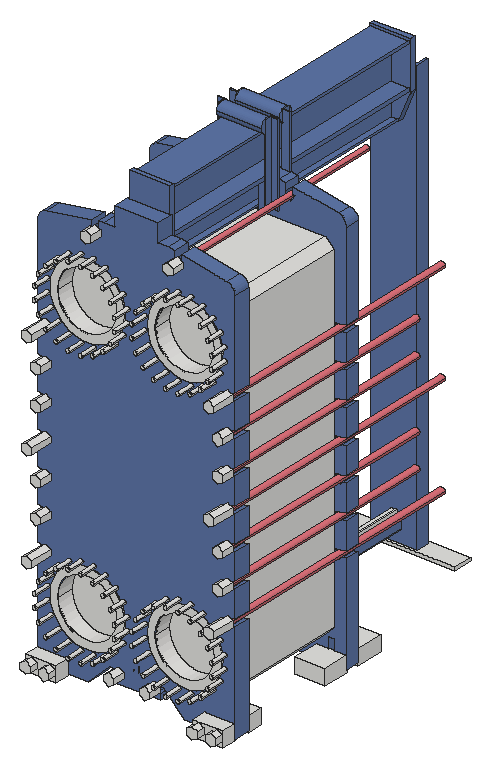
Revit family "HVAC_Heat-Exchanger_Alfa-Laval_TS50-FG_ASME___", category Specialty Equipment, Revit 2018
Family settings
  Round Connector Dimension = Use Diameter
  Part Type = Normal
  OmniClass Number = 23.27.23.13
  Work Plane-Based = Yes
  Always vertical = Yes
  Cut with Voids When Loaded = No
  Shared = No
  Room Calculation Point = No
Parameters (values of type "LC2400")
  zSecond_Heat_Bars = 2105 mm
  zLower_Heat_Bars = 1855 mm
  zInner_Length = 1098 mm
  zFirst_Heat_Bars = 1855 mm
  Width = 1550 mm
  URL = "https://www.alfalaval.com/"
  Product url = "https://www.alfalaval.com/products/heat-transfer/plate-heat-exchangers/gasketed-plate-and-frame-heat-exchangers/industrial-line/"
  Product data url = "https://bimobject.com/alfa-laval/product/ts50"
  Product Guid = "708e1086-b167-4999-809f-8513106fdb98"
  Overall Width = 1550 mm  # constant formula
  Overall Height = 3711 mm  # constant formula
  Model = "TS50-FG"  # constant formula
  Max. design temperature (°C/°F) = "177/350"  # constant formula
  Max. design pressure (barg/psig) = "10.3/150"  # constant formula
  Manufacturer = "Alfa Laval"  # constant formula
  Height = 3711 mm
  Heat Transfer Plates Material = "316/316L, Ti"  # constant formula
  Frame and Pressure Plate Material = "Carbon steel, epoxy painted"  # constant formula
  Flow = 0.0 L/s
  Flange Connections Material = "Carbon steel Metal lined: stainless steel, titanium"  # constant formula
  Field Gaskets Material = "NBR, EPDM"  # constant formula
  Diameter = 500 mm  # constant formula
  Description = "Alfa Laval Industrial line is a wide product range that is used in virtually all types of industry. Designed for high throughput, this model delivers excellent thermal performance. A large selection of plate and gasket types is available."  # constant formula
  Depth = 2843 mm
  Default Elevation = 1219.2 mm
  Connector Description = "ASME B16.5 Class150 NPS 20"  # constant formula
  Center Width (Branch Pipes) = 765 mm  # constant formula
  Center Height (Branch Pipes) = 2166 mm  # constant formula
Reference planes
  plane 1 "Center (Front/Back)": y = 0
  plane 2: z = 0
  plane 3 "Center (Left/Right)": x = 0
  plane 4 "Back Panel": y = 1098
  plane 5: z = 10
  plane 6 "Top": z = 3540
  plane 7 "Main body": y = 130
  plane 8: y = 1208
  plane 9: y = 1855
  plane 10: y = 2105
  plane 11 "Back": y = 2640
  plane 12: y = -183
  plane 13: y = 2530
  plane 14: z = 3240
  plane 15: z = 3711
  plane 16: x = -382.5
  plane 17: x = 382.5
  plane 18: x = -775
  plane 19: x = 775
  plane 20: z = 2693
  plane 21: z = 527
  plane 22: y = 1855
  plane 23: z = 1610
  plane 24: y = 2660
  plane 25: z = 3023
  plane 26: y = 1007
  plane 27: y = 1299
  plane 28: y = 2490
Forms (mm)
  Extrusion 1, solid, material "Alfa Laval - Metal - Blue", detail levels fine
    sketch origin (0, 0, 0) x (1, 0, 0) y (0, 0, 1)
      loop
        line (-775, 10) -> (-377, 10) -> (-210, 177) -> (-159.831, 177)
        arc (-159.831, 177) -> (-106.5, 150) -> (-159.831, 123) r 33.5
        line (-159.831, 123) -> (-190, 123) -> (-190, 80) -> (190, 80) -> (190, 123) -> (159.831, 123)
        arc (159.831, 123) -> (106.5, 150) -> (159.831, 177) r 33.5
        line (159.831, 177) -> (210, 177) -> (377, 10) -> (775, 10) -> (775, 803.124) -> (741.143, 794.053)
        arc (741.143, 794.053) -> (682.642, 806.33) -> (727.167, 846.213) r 33.5
        line (727.167, 846.213) -> (775, 859.029) -> (775, 1068.124) -> (741.143, 1059.053)
        arc (741.143, 1059.053) -> (682.642, 1071.33) -> (727.167, 1111.213) r 33.5
        line (727.167, 1111.213) -> (775, 1124.029) -> (775, 1333.124) -> (741.143, 1324.053)
        arc (741.143, 1324.053) -> (682.642, 1336.33) -> (727.167, 1376.213) r 33.5
        line (727.167, 1376.213) -> (775, 1389.029) -> (775, 1598.124) -> (741.143, 1589.053)
        arc (741.143, 1589.053) -> (682.642, 1601.33) -> (727.167, 1641.213) r 33.5
        line (727.167, 1641.213) -> (775, 1654.029) -> (775, 1863.124) -> (741.143, 1854.053)
        arc (741.143, 1854.053) -> (682.642, 1866.33) -> (727.167, 1906.213) r 33.5
        line (727.167, 1906.213) -> (775, 1919.029) -> (775, 2128.124) -> (741.143, 2119.053)
        arc (741.143, 2119.053) -> (682.642, 2131.33) -> (727.167, 2171.213) r 33.5
        line (727.167, 2171.213) -> (775, 2184.029) -> (775, 2393.124) -> (741.143, 2384.053)
        arc (741.143, 2384.053) -> (682.642, 2396.33) -> (727.167, 2436.213) r 33.5
        line (727.167, 2436.213) -> (775, 2449.029) -> (775, 3130.3)
        arc (775, 3130.3) -> (756.284, 3181.723) -> (708.892, 3209.085) r 80
        line (708.892, 3209.085) -> (352, 3272.015) -> (352, 3220.791)
        arc (352, 3220.791) -> (325, 3166.516) -> (298, 3220.791) r 33.853
        line (298, 3220.791) -> (298, 3281.536) -> (250, 3290) -> (170, 3290) -> (170, 3433) -> (-170, 3433) -> (-170, 3290) -> (-250, 3290) -> (-298, 3281.536) -> (-298, 3220.791)
        arc (-298, 3220.791) -> (-325, 3166.516) -> (-352, 3220.791) r 33.853
        line (-352, 3220.791) -> (-352, 3272.015) -> (-708.892, 3209.085)
        arc (-708.892, 3209.085) -> (-756.284, 3181.723) -> (-775, 3130.3) r 80
        line (-775, 3130.3) -> (-775, 2449.029) -> (-727.167, 2436.213)
        arc (-727.167, 2436.213) -> (-682.642, 2396.33) -> (-741.143, 2384.053) r 33.5
        line (-741.143, 2384.053) -> (-775, 2393.124) -> (-775, 2184.029) -> (-727.167, 2171.213)
        arc (-727.167, 2171.213) -> (-682.642, 2131.33) -> (-741.143, 2119.053) r 33.5
        line (-741.143, 2119.053) -> (-775, 2128.124) -> (-775, 1919.029) -> (-727.167, 1906.213)
        arc (-727.167, 1906.213) -> (-682.642, 1866.33) -> (-741.143, 1854.053) r 33.5
        line (-741.143, 1854.053) -> (-775, 1863.124) -> (-775, 1654.029) -> (-727.167, 1641.213)
        arc (-727.167, 1641.213) -> (-682.642, 1601.33) -> (-741.143, 1589.053) r 33.5
        line (-741.143, 1589.053) -> (-775, 1598.124) -> (-775, 1389.029) -> (-727.167, 1376.213)
        arc (-727.167, 1376.213) -> (-682.642, 1336.33) -> (-741.143, 1324.053) r 33.5
        line (-741.143, 1324.053) -> (-775, 1333.124) -> (-775, 1124.029) -> (-727.167, 1111.213)
        arc (-727.167, 1111.213) -> (-682.642, 1071.33) -> (-741.143, 1059.053) r 33.5
        line (-741.143, 1059.053) -> (-775, 1068.124) -> (-775, 859.029) -> (-727.167, 846.213)
        arc (-727.167, 846.213) -> (-682.642, 806.33) -> (-741.143, 794.053) r 33.5
        line (-741.143, 794.053) -> (-775, 803.124) -> (-775, 10)
      loop
        circle (382.5, 2693) r 236
      loop
        circle (-382.5, 2693) r 236
      loop
        circle (382.5, 527) r 236
      loop
        circle (-382.5, 527) r 236
    from -130 to 0
  Extrusion 2, solid, material "Alfa Laval - Metal - Blue", detail levels fine
    sketch origin (0, 1098, 0) x (-1, 0, 0) y (0, 0, 1)
      loop
        line (210, 177) -> (367, 20) -> (631, 20) -> (631, 200) -> (681, 200) -> (681, 20) -> (775, 20) -> (775, 803.124) -> (741.143, 794.053)
        arc (741.143, 794.053) -> (682.642, 806.33) -> (727.167, 846.213) r 33.5
        line (727.167, 846.213) -> (775, 859.029) -> (775, 1068.124) -> (741.143, 1059.053)
        arc (741.143, 1059.053) -> (682.642, 1071.33) -> (727.167, 1111.213) r 33.5
        line (727.167, 1111.213) -> (775, 1124.029) -> (775, 1333.124) -> (741.143, 1324.053)
        arc (741.143, 1324.053) -> (682.642, 1336.33) -> (727.167, 1376.213) r 33.5
        line (727.167, 1376.213) -> (775, 1389.029) -> (775, 1598.124) -> (741.143, 1589.053)
        arc (741.143, 1589.053) -> (682.642, 1601.33) -> (727.167, 1641.213) r 33.5
        line (727.167, 1641.213) -> (775, 1654.029) -> (775, 1863.124) -> (741.143, 1854.053)
        arc (741.143, 1854.053) -> (682.642, 1866.33) -> (727.167, 1906.213) r 33.5
        line (727.167, 1906.213) -> (775, 1919.029) -> (775, 2128.124) -> (741.143, 2119.053)
        arc (741.143, 2119.053) -> (682.642, 2131.33) -> (727.167, 2171.213) r 33.5
        line (727.167, 2171.213) -> (775, 2184.029) -> (775, 2393.124) -> (741.143, 2384.053)
        arc (741.143, 2384.053) -> (682.642, 2396.33) -> (727.167, 2436.213) r 33.5
        line (727.167, 2436.213) -> (775, 2449.029) -> (775, 3130.3)
        arc (775, 3130.3) -> (756.284, 3181.723) -> (708.892, 3209.085) r 80
        line (708.892, 3209.085) -> (352, 3272.015) -> (352, 3220.791)
        arc (352, 3220.791) -> (325, 3166.516) -> (298, 3220.791) r 33.853
        line (298, 3220.791) -> (298, 3281.536) -> (250, 3290) -> (170, 3290) -> (170, 3242) -> (80, 3242) -> (80, 3002) -> (45, 3002) -> (45, 2942) -> (-45, 2942) -> (-45, 3002) -> (-80, 3002) -> (-80, 3242) -> (-170, 3242) -> (-170, 3290) -> (-250, 3290) -> (-298, 3281.536) -> (-298, 3220.791)
        arc (-298, 3220.791) -> (-325, 3166.516) -> (-352, 3220.791) r 33.853
        line (-352, 3220.791) -> (-352, 3272.015) -> (-708.892, 3209.085)
        arc (-708.892, 3209.085) -> (-756.284, 3181.723) -> (-775, 3130.3) r 80
        line (-775, 3130.3) -> (-775, 2449.029) -> (-727.167, 2436.213)
        arc (-727.167, 2436.213) -> (-682.642, 2396.33) -> (-741.143, 2384.053) r 33.5
        line (-741.143, 2384.053) -> (-775, 2393.124) -> (-775, 2184.029) -> (-727.167, 2171.213)
        arc (-727.167, 2171.213) -> (-682.642, 2131.33) -> (-741.143, 2119.053) r 33.5
        line (-741.143, 2119.053) -> (-775, 2128.124) -> (-775, 1919.029) -> (-727.167, 1906.213)
        arc (-727.167, 1906.213) -> (-682.642, 1866.33) -> (-741.143, 1854.053) r 33.5
        line (-741.143, 1854.053) -> (-775, 1863.124) -> (-775, 1654.029) -> (-727.167, 1641.213)
        arc (-727.167, 1641.213) -> (-682.642, 1601.33) -> (-741.143, 1589.053) r 33.5
        line (-741.143, 1589.053) -> (-775, 1598.124) -> (-775, 1389.029) -> (-727.167, 1376.213)
        arc (-727.167, 1376.213) -> (-682.642, 1336.33) -> (-741.143, 1324.053) r 33.5
        line (-741.143, 1324.053) -> (-775, 1333.124) -> (-775, 1124.029) -> (-727.167, 1111.213)
        arc (-727.167, 1111.213) -> (-682.642, 1071.33) -> (-741.143, 1059.053) r 33.5
        line (-741.143, 1059.053) -> (-775, 1068.124) -> (-775, 859.029) -> (-727.167, 846.213)
        arc (-727.167, 846.213) -> (-682.642, 806.33) -> (-741.143, 794.053) r 33.5
        line (-741.143, 794.053) -> (-775, 803.124) -> (-775, 20) -> (-681, 20) -> (-681, 200) -> (-631, 200) -> (-631, 20) -> (-367, 20) -> (-210, 177) -> (-159.831, 177)
        arc (-159.831, 177) -> (-106.5, 150) -> (-159.831, 123) r 33.5
        line (-159.831, 123) -> (-190, 123) -> (-190, 80) -> (-62.5, 80) -> (-62.5, 230) -> (-22.5, 230) -> (-22.5, 241.386)
        arc (-22.5, 241.386) -> (-39.961, 262.482) -> (-20, 281.23) r 20
        line (-20, 281.23) -> (20, 281.23)
        arc (20, 281.23) -> (39.961, 262.482) -> (22.5, 241.386) r 20
        line (22.5, 241.386) -> (22.5, 230) -> (62.5, 230) -> (62.5, 80) -> (190, 80) -> (190, 123) -> (159.831, 123)
        arc (159.831, 123) -> (106.5, 150) -> (159.831, 177) r 33.5
        line (159.831, 177) -> (210, 177)
    from 110 to 0
  Extrusion 3, solid, material "Alfa Laval - Metal - Blue", detail levels medium
    sketch origin (0, 1098, 0) x (-1, 0, 0) y (0, 0, 1)
      loop
        line (775, 20) -> (775, 3290) -> (-775, 3290) -> (-775, 20) -> (775, 20)
    from 110 to 0
  Extrusion 4, solid, material "Alfa Laval - Metal - Blue", detail levels medium
    sketch origin (0, 0, 0) x (1, 0, 0) y (0, 0, 1)
      loop
        line (775, 3433) -> (-775, 3433) -> (-775, 10) -> (775, 10) -> (775, 3433)
      loop
        circle (382.5, 2693) r 303.2
      loop
        circle (-382.5, 2693) r 303.2
      loop
        circle (382.5, 527) r 303.2
      loop
        circle (-382.5, 527) r 303.2
    from -130 to 0
  Extrusion 5, solid, material "Alfa Laval - Metal - Stainless Steel", detail levels medium+fine
    sketch origin (0, 0, 0) x (1, 0, 0) y (0, 1, 0)
      loop
        line (-537, 250) -> (-775, 250) -> (-775, 130) -> (-537, 130) -> (-537, 250)
      loop
        line (-537, 0) -> (-775, 0) -> (-775, -120) -> (-537, -120) -> (-537, 0)
      loop
        line (537, 130) -> (775, 130) -> (775, 250) -> (537, 250) -> (537, 130)
      loop
        line (537, 0) -> (537, -120) -> (775, -120) -> (775, 0) -> (537, 0)
      loop
        line (-775, 1098) -> (-775, 878) -> (-537, 878) -> (-537, 1098) -> (-775, 1098)
      loop
        line (-775, 1428) -> (-775, 1208) -> (-537, 1208) -> (-537, 1428) -> (-775, 1428)
      loop
        line (775, 1098) -> (537, 1098) -> (537, 878) -> (775, 878) -> (775, 1098)
      loop
        line (775, 1428) -> (537, 1428) -> (537, 1208) -> (775, 1208) -> (775, 1428)
    from 0 to 120
  Extrusion 6, solid, material "Alfa Laval - Metal - Stainless Steel", detail levels fine
    sketch origin (0, 0, 0) x (1, 0, 0) y (0, 0, 1)
      loop
        circle (332.832, 3006.591) r 14.288
      loop
        circle (432.168, 3006.591) r 14.288
      loop
        circle (526.642, 2975.895) r 14.287
      loop
        circle (607.006, 2917.506) r 14.288
      loop
        circle (665.394, 2837.142) r 14.288
      loop
        circle (696.091, 2742.668) r 14.287
      loop
        circle (696.091, 2643.332) r 14.287
      loop
        circle (665.394, 2548.858) r 14.287
      loop
        circle (607.006, 2468.494) r 14.287
      loop
        circle (526.642, 2410.105) r 14.287
      loop
        circle (432.168, 2379.409) r 14.287
      loop
        circle (332.832, 2379.409) r 14.288
      loop
        circle (238.358, 2410.105) r 14.287
      loop
        circle (157.993, 2468.494) r 14.288
      loop
        circle (99.605, 2548.858) r 14.287
      loop
        circle (68.909, 2643.332) r 14.287
      loop
        circle (68.909, 2742.668) r 14.288
      loop
        circle (99.605, 2837.142) r 14.288
      loop
        circle (157.993, 2917.506) r 14.288
      loop
        circle (238.358, 2975.895) r 14.288
      loop
        circle (-332.832, 3006.591) r 14.288
      loop
        circle (-432.168, 3006.591) r 14.288
      loop
        circle (-526.642, 2975.895) r 14.287
      loop
        circle (-607.006, 2917.506) r 14.288
      loop
        circle (-665.394, 2837.142) r 14.288
      loop
        circle (-696.091, 2742.668) r 14.287
      loop
        circle (-696.091, 2643.332) r 14.287
      loop
        circle (-665.394, 2548.858) r 14.287
      loop
        circle (-607.006, 2468.494) r 14.287
      loop
        circle (-526.642, 2410.105) r 14.287
      loop
        circle (-432.168, 2379.409) r 14.287
      loop
        circle (-332.832, 2379.409) r 14.288
      loop
        circle (-238.358, 2410.105) r 14.287
      loop
        circle (-157.993, 2468.494) r 14.288
      loop
        circle (-99.605, 2548.858) r 14.287
      loop
        circle (-68.909, 2643.332) r 14.287
      loop
        circle (-68.909, 2742.668) r 14.288
      loop
        circle (-99.605, 2837.142) r 14.288
      loop
        circle (-157.993, 2917.506) r 14.288
      loop
        circle (-238.358, 2975.895) r 14.288
      loop
        circle (332.832, 213.409) r 14.288
      loop
        circle (432.168, 213.409) r 14.288
      loop
        circle (526.642, 244.105) r 14.287
      loop
        circle (607.006, 302.494) r 14.288
      loop
        circle (665.394, 382.858) r 14.288
      loop
        circle (696.091, 477.332) r 14.287
      loop
        circle (696.091, 576.668) r 14.287
      loop
        circle (665.394, 671.142) r 14.287
      loop
        circle (607.006, 751.506) r 14.287
      loop
        circle (526.642, 809.895) r 14.287
      loop
        circle (432.168, 840.591) r 14.287
      loop
        circle (332.832, 840.591) r 14.288
      loop
        circle (238.358, 809.895) r 14.287
      loop
        circle (157.993, 751.506) r 14.288
      loop
        circle (99.605, 671.142) r 14.287
      loop
        circle (68.909, 576.668) r 14.287
      loop
        circle (68.909, 477.332) r 14.288
      loop
        circle (99.605, 382.858) r 14.288
      loop
        circle (157.993, 302.494) r 14.288
      loop
        circle (238.358, 244.105) r 14.288
      loop
        circle (-332.832, 213.409) r 14.288
      loop
        circle (-432.168, 213.409) r 14.288
      loop
        circle (-526.642, 244.105) r 14.287
      loop
        circle (-607.006, 302.494) r 14.288
      loop
        circle (-665.394, 382.858) r 14.288
      loop
        circle (-696.091, 477.332) r 14.287
      loop
        circle (-696.091, 576.668) r 14.287
      loop
        circle (-665.394, 671.142) r 14.287
      loop
        circle (-607.006, 751.506) r 14.287
      loop
        circle (-526.642, 809.895) r 14.287
      loop
        circle (-432.168, 840.591) r 14.287
      loop
        circle (-332.832, 840.591) r 14.288
      loop
        circle (-238.358, 809.895) r 14.287
      loop
        circle (-157.993, 751.506) r 14.288
      loop
        circle (-99.605, 671.142) r 14.287
      loop
        circle (-68.909, 576.668) r 14.287
      loop
        circle (-68.909, 477.332) r 14.288
      loop
        circle (-99.605, 382.858) r 14.288
      loop
        circle (-157.993, 302.494) r 14.288
      loop
        circle (-238.358, 244.105) r 14.288
    from 0 to 134
  Extrusion 7, solid, material "Alfa Laval - Metal - Stainless Steel", detail levels medium
    sketch origin (0, 0, 0) x (1, 0, 0) y (0, 0, 1)
      loop
        circle (382.5, 2693) r 303.2
      loop
        circle (382.5, 2693) r 331.8
      loop
        circle (-382.5, 2693) r 303.2
      loop
        circle (-382.5, 2693) r 331.8
      loop
        circle (382.5, 527) r 303.2
      loop
        circle (382.5, 527) r 331.8
      loop
        circle (-382.5, 527) r 303.2
      loop
        circle (-382.5, 527) r 331.8
    from 0 to 134
  Extrusion 8, solid, material "Alfa Laval - Metal - Stainless Steel", detail levels coarse
    sketch origin (0, 0, 0) x (1, 0, 0) y (0, 0, 1)
      loop
        line (50.7, 3024.8) -> (50.7, 2361.2) -> (714.3, 2361.2) -> (714.3, 3024.8) -> (50.7, 3024.8)
      loop
        line (685.7, 2996.2) -> (79.3, 2996.2) -> (79.3, 2389.8) -> (685.7, 2389.8) -> (685.7, 2996.2)
      loop
        line (-50.7, 3024.8) -> (-714.3, 3024.8) -> (-714.3, 2361.2) -> (-50.7, 2361.2) -> (-50.7, 3024.8)
      loop
        line (-685.7, 2996.2) -> (-685.7, 2389.8) -> (-79.3, 2389.8) -> (-79.3, 2996.2) -> (-685.7, 2996.2)
      loop
        line (50.7, 195.2) -> (714.3, 195.2) -> (714.3, 858.8) -> (50.7, 858.8) -> (50.7, 195.2)
      loop
        line (685.7, 223.8) -> (685.7, 830.2) -> (79.3, 830.2) -> (79.3, 223.8) -> (685.7, 223.8)
      loop
        line (-50.7, 195.2) -> (-50.7, 858.8) -> (-714.3, 858.8) -> (-714.3, 195.2) -> (-50.7, 195.2)
      loop
        line (-685.7, 223.8) -> (-79.3, 223.8) -> (-79.3, 830.2) -> (-685.7, 830.2) -> (-685.7, 223.8)
    from 0 to 134
  Extrusion 9, solid, material "Alfa Laval - Metal - Stainless Steel", detail levels fine
    sketch origin (0, 130, 0) x (1, 0, 0) y (0, 0, 1)
      loop
        line (605, 210) -> (675, 280) -> (675, 2940) -> (605, 3010) -> (-605, 3010) -> (-675, 2940) -> (-675, 280) -> (-605, 210) -> (605, 210)
    from 0 to -968
  Extrusion 10, solid, material "Alfa Laval - Metal - Stainless Steel", detail levels medium
    sketch origin (0, 130, 0) x (1, 0, 0) y (0, 0, 1)
      loop
        line (675, 3010) -> (-675, 3010) -> (-675, 210) -> (675, 210) -> (675, 3010)
    from 0 to -968
  Extrusion 11, solid, material "Alfa Laval - Metal - Red", detail levels fine
    sketch origin (0, 0, 0) x (1, 0, 0) y (0, 0, 1)
      loop
        circle (-325, 3200.369) r 19.5
      loop
        circle (-715, 1080) r 24
      loop
        circle (-715, 1345) r 24
      loop
        circle (-715, 1875) r 24
      loop
        circle (-715, 2140) r 24
      loop
        circle (325, 3200.369) r 19.5
      loop
        circle (715, 1080) r 24
      loop
        circle (715, 1345) r 24
      loop
        circle (715, 1875) r 24
      loop
        circle (715, 2140) r 24
    from 0 to -1855
  Extrusion 12, solid, material "Alfa Laval - Metal - Red", detail levels medium
    sketch origin (0, 0, 0) x (1, 0, 0) y (0, 0, 1)
      loop
        line (-739, 1055.998) -> (-691, 1055.998) -> (-691, 1103.998) -> (-739, 1103.998) -> (-739, 1055.998)
      loop
        line (-305.5, 3219.869) -> (-344.5, 3219.869) -> (-344.5, 3180.869) -> (-305.5, 3180.869) -> (-305.5, 3219.869)
      loop
        line (-739, 1320.998) -> (-691, 1320.998) -> (-691, 1368.998) -> (-739, 1368.998) -> (-739, 1320.998)
      loop
        line (-739, 1850.998) -> (-691, 1850.998) -> (-691, 1898.998) -> (-739, 1898.998) -> (-739, 1850.998)
      loop
        line (-739, 2115.998) -> (-691, 2115.998) -> (-691, 2163.998) -> (-739, 2163.998) -> (-739, 2115.998)
      loop
        line (739, 1055.998) -> (739, 1103.998) -> (691, 1103.998) -> (691, 1055.998) -> (739, 1055.998)
      loop
        line (739, 1320.998) -> (739, 1368.998) -> (691, 1368.998) -> (691, 1320.998) -> (739, 1320.998)
      loop
        line (739, 1850.998) -> (739, 1898.998) -> (691, 1898.998) -> (691, 1850.998) -> (739, 1850.998)
      loop
        line (739, 2115.998) -> (739, 2163.998) -> (691, 2163.998) -> (691, 2115.998) -> (739, 2115.998)
      loop
        line (305.5, 3219.869) -> (305.5, 3180.869) -> (344.5, 3180.869) -> (344.5, 3219.869) -> (305.5, 3219.869)
    from 0 to -1855
  Extrusion 13, solid, material "Alfa Laval - Metal - Red", detail levels fine
    sketch origin (0, 0, 0) x (1, 0, 0) y (0, 0, 1)
      loop
        circle (-715, 815) r 24
      loop
        circle (-715, 1610) r 24
      loop
        circle (-715, 2405) r 24
      loop
        circle (715, 815) r 24
      loop
        circle (715, 1610) r 24
      loop
        circle (715, 2405) r 24
    from 0 to -2105
  Extrusion 14, solid, material "Alfa Laval - Metal - Red", detail levels medium
    sketch origin (0, 0, 0) x (1, 0, 0) y (0, 0, 1)
      loop
        line (-739, 839) -> (-739, 791) -> (-691, 791) -> (-691, 839) -> (-739, 839)
      loop
        line (-739, 1634) -> (-739, 1586) -> (-691, 1586) -> (-691, 1634) -> (-739, 1634)
      loop
        line (-739, 2429) -> (-739, 2381) -> (-691, 2381) -> (-691, 2429) -> (-739, 2429)
      loop
        line (739, 839) -> (691, 839) -> (691, 791) -> (739, 791) -> (739, 839)
      loop
        line (739, 1634) -> (691, 1634) -> (691, 1586) -> (739, 1586) -> (739, 1634)
      loop
        line (739, 2429) -> (691, 2429) -> (691, 2381) -> (739, 2381) -> (739, 2429)
    from 0 to -2105
  Extrusion 15, solid, material "Alfa Laval - Metal - Stainless Steel", detail levels fine
    sketch origin (0, 0, 0) x (1, 0, 0) y (0, 0, 1)
      loop
        line (-365, 3177.275) -> (-325, 3154.181) -> (-285, 3177.275) -> (-285, 3223.463) -> (-325, 3246.557) -> (-365, 3223.463) -> (-365, 3177.275)
      loop
        line (-755, 2116.906) -> (-715, 2093.812) -> (-675, 2116.906) -> (-675, 2163.094) -> (-715, 2186.188) -> (-755, 2163.094) -> (-755, 2116.906)
      loop
        line (-180, 126.906) -> (-140, 103.812) -> (-100, 126.906) -> (-100, 173.094) -> (-140, 196.188) -> (-180, 173.094) -> (-180, 126.906)
      loop
        line (-755, 1851.906) -> (-715, 1828.812) -> (-675, 1851.906) -> (-675, 1898.094) -> (-715, 1921.188) -> (-755, 1898.094) -> (-755, 1851.906)
      loop
        line (-755, 1321.906) -> (-715, 1298.812) -> (-675, 1321.906) -> (-675, 1368.094) -> (-715, 1391.188) -> (-755, 1368.094) -> (-755, 1321.906)
      loop
        line (-755, 1056.906) -> (-715, 1033.812) -> (-675, 1056.906) -> (-675, 1103.094) -> (-715, 1126.188) -> (-755, 1103.094) -> (-755, 1056.906)
      loop
        line (365, 3177.275) -> (365, 3223.463) -> (325, 3246.557) -> (285, 3223.463) -> (285, 3177.275) -> (325, 3154.181) -> (365, 3177.275)
      loop
        line (755, 2116.906) -> (755, 2163.094) -> (715, 2186.188) -> (675, 2163.094) -> (675, 2116.906) -> (715, 2093.812) -> (755, 2116.906)
      loop
        line (180, 126.906) -> (180, 173.094) -> (140, 196.188) -> (100, 173.094) -> (100, 126.906) -> (140, 103.812) -> (180, 126.906)
      loop
        line (755, 1851.906) -> (755, 1898.094) -> (715, 1921.188) -> (675, 1898.094) -> (675, 1851.906) -> (715, 1828.812) -> (755, 1851.906)
      loop
        line (755, 1321.906) -> (755, 1368.094) -> (715, 1391.188) -> (675, 1368.094) -> (675, 1321.906) -> (715, 1298.812) -> (755, 1321.906)
      loop
        line (755, 1056.906) -> (755, 1103.094) -> (715, 1126.188) -> (675, 1103.094) -> (675, 1056.906) -> (715, 1033.812) -> (755, 1056.906)
    from 95 to 0
  Extrusion 16, solid, material "Alfa Laval - Metal - Stainless Steel", detail levels medium
    sketch origin (0, 0, 0) x (1, 0, 0) y (0, 0, 1)
      loop
        line (-365, 3246.557) -> (-365, 3154.181) -> (-285, 3154.181) -> (-285, 3246.557) -> (-365, 3246.557)
      loop
        line (-755, 1126.188) -> (-755, 1033.812) -> (-675, 1033.812) -> (-675, 1126.188) -> (-755, 1126.188)
      loop
        line (-180, 196.188) -> (-180, 103.812) -> (-100, 103.812) -> (-100, 196.188) -> (-180, 196.188)
      loop
        line (-755, 1391.188) -> (-755, 1298.812) -> (-675, 1298.812) -> (-675, 1391.188) -> (-755, 1391.188)
      loop
        line (-755, 1921.188) -> (-755, 1828.812) -> (-675, 1828.812) -> (-675, 1921.188) -> (-755, 1921.188)
      loop
        line (-755, 2186.188) -> (-755, 2093.812) -> (-675, 2093.812) -> (-675, 2186.188) -> (-755, 2186.188)
      loop
        line (365, 3246.557) -> (285, 3246.557) -> (285, 3154.181) -> (365, 3154.181) -> (365, 3246.557)
      loop
        line (755, 1126.188) -> (675, 1126.188) -> (675, 1033.812) -> (755, 1033.812) -> (755, 1126.188)
      loop
        line (180, 196.188) -> (100, 196.188) -> (100, 103.812) -> (180, 103.812) -> (180, 196.188)
      loop
        line (755, 1391.188) -> (675, 1391.188) -> (675, 1298.812) -> (755, 1298.812) -> (755, 1391.188)
      loop
        line (755, 1921.188) -> (675, 1921.188) -> (675, 1828.812) -> (755, 1828.812) -> (755, 1921.188)
      loop
        line (755, 2186.188) -> (675, 2186.188) -> (675, 2093.812) -> (755, 2093.812) -> (755, 2186.188)
    from 95 to 0
  Extrusion 17, solid, material "Alfa Laval - Metal - Stainless Steel", detail levels fine
    sketch origin (0, 0, 0) x (1, 0, 0) y (0, 0, 1)
      loop
        line (-755, 1586.906) -> (-715, 1563.812) -> (-675, 1586.906) -> (-675, 1633.094) -> (-715, 1656.188) -> (-755, 1633.094) -> (-755, 1586.906)
      loop
        line (-755, 2381.906) -> (-715, 2358.812) -> (-675, 2381.906) -> (-675, 2428.094) -> (-715, 2451.188) -> (-755, 2428.094) -> (-755, 2381.906)
      loop
        line (-755, 791.906) -> (-715, 768.812) -> (-675, 791.906) -> (-675, 838.094) -> (-715, 861.188) -> (-755, 838.094) -> (-755, 791.906)
      loop
        line (755, 1586.906) -> (755, 1633.094) -> (715, 1656.188) -> (675, 1633.094) -> (675, 1586.906) -> (715, 1563.812) -> (755, 1586.906)
      loop
        line (755, 2381.906) -> (755, 2428.094) -> (715, 2451.188) -> (675, 2428.094) -> (675, 2381.906) -> (715, 2358.812) -> (755, 2381.906)
      loop
        line (755, 791.906) -> (755, 838.094) -> (715, 861.188) -> (675, 838.094) -> (675, 791.906) -> (715, 768.812) -> (755, 791.906)
    from 183 to 0
  Extrusion 18, solid, material "Alfa Laval - Metal - Stainless Steel", detail levels medium
    sketch origin (0, 0, 0) x (1, 0, 0) y (0, 0, 1)
      loop
        line (-675, 768.812) -> (-675, 861.188) -> (-755, 861.188) -> (-755, 768.812) -> (-675, 768.812)
      loop
        line (-675, 1563.812) -> (-675, 1656.188) -> (-755, 1656.188) -> (-755, 1563.812) -> (-675, 1563.812)
      loop
        line (-675, 2358.812) -> (-675, 2451.188) -> (-755, 2451.188) -> (-755, 2358.812) -> (-675, 2358.812)
      loop
        line (675, 768.812) -> (755, 768.812) -> (755, 861.188) -> (675, 861.188) -> (675, 768.812)
      loop
        line (675, 1563.812) -> (755, 1563.812) -> (755, 1656.188) -> (675, 1656.188) -> (675, 1563.812)
      loop
        line (675, 2358.812) -> (755, 2358.812) -> (755, 2451.188) -> (675, 2451.188) -> (675, 2358.812)
    from 183 to 0
  Extrusion 19, solid, material "Alfa Laval - Metal - Blue", detail levels fine
    sketch origin (0, 130, 0) x (1, 0, 0) y (0, 0, 1)
      loop
        line (-43.75, 114.5) -> (43.75, 114.5)
        arc (43.75, 114.5) -> (48.169, 116.331) -> (50, 120.75) r 6.25
        line (50, 120.75) -> (50, 208.25)
        arc (50, 208.25) -> (48.169, 212.669) -> (43.75, 214.5) r 6.25
        line (43.75, 214.5) -> (-43.75, 214.5)
        arc (-43.75, 214.5) -> (-48.169, 212.669) -> (-50, 208.25) r 6.25
        line (-50, 208.25) -> (-50, 120.75)
        arc (-50, 120.75) -> (-48.169, 116.331) -> (-43.75, 114.5) r 6.25
      loop
        line (-150, 3613) -> (-150, 3595.5) -> (-5, 3595.5) -> (-5, 3281) -> (-150, 3281) -> (-150, 3254.5) -> (-4, 3254.5) -> (-4, 3032.064) -> (-60, 3032.064) -> (-60, 3023.064) -> (60, 3023.064) -> (60, 3032.064) -> (4, 3032.064) -> (4, 3254.5) -> (150, 3254.5) -> (150, 3281) -> (5, 3281) -> (5, 3595.5) -> (150, 3595.5) -> (150, 3613) -> (-150, 3613)
    from -2400 to 0
  Extrusion 20, solid, material "Alfa Laval - Metal - Blue", detail levels medium
    sketch origin (0, 130, 0) x (1, 0, 0) y (0, 0, 1)
      loop
        line (-50, 214.5) -> (-50, 114.5) -> (50, 114.5) -> (50, 214.5) -> (-50, 214.5)
      loop
        line (-160, 3633) -> (-160, 3023) -> (160, 3023) -> (160, 3633) -> (-160, 3633)
    from 0 to -2400
  Extrusion 21, solid, material "Alfa Laval - Metal - Blue", detail levels fine
    sketch origin (0, 0, 0) x (1, 0, 0) y (0, 1, 0)
      loop
        line (-180, 2640) -> (-180, 2530) -> (180, 2530) -> (180, 2640) -> (163.5, 2640) -> (163.5, 2557)
        arc (163.5, 2557) -> (159.107, 2546.393) -> (148.5, 2542) r 15
        line (148.5, 2542) -> (-148.5, 2542)
        arc (-148.5, 2542) -> (-159.107, 2546.393) -> (-163.5, 2557) r 15
        line (-163.5, 2557) -> (-163.5, 2640) -> (-180, 2640)
    from 0 to 3435
  Extrusion 22, solid, material "Alfa Laval - Metal - Blue", detail levels medium
    sketch origin (0, 0, 0) x (1, 0, 0) y (0, 1, 0)
      loop
        line (-180, 2640) -> (-180, 2530) -> (180, 2530) -> (180, 2640) -> (-180, 2640)
    from 0 to 3435
  Extrusion 23, solid, material "Alfa Laval - Metal - Stainless Steel", detail levels coarse+medium
    sketch origin (0, 130, 0) x (1, 0, 0) y (0, 0, 1)
      loop
        line (-20, 254.5) -> (-20, 214.5) -> (20, 214.5) -> (20, 254.5) -> (-20, 254.5)
    from -2400 to 0
  Extrusion 24, solid, material "Alfa Laval - Metal - Blue", detail levels coarse
    sketch origin (0, 0, 0) x (0, 1, 0) y (0, 0, 1)
      loop
        line (1208, 215) -> (1208, 115) -> (2530, 115) -> (2530, 25) -> (2640, 25) -> (2640, 3711) -> (130, 3711) -> (130, 3433) -> (1208, 3433) -> (1208, 3023) -> (2530, 3023) -> (2530, 215) -> (1208, 215)
    from -180 to 180
  Extrusion 25, solid, material "Alfa Laval - Metal - Blue", detail levels coarse
    sketch origin (0, 0, 0) x (0, 1, 0) y (0, 0, 1)
      loop
        line (1208, 10) -> (1208, 3433) -> (0, 3433) -> (0, 10) -> (1208, 10)
    from -775 to 775
  Extrusion 26, solid, material "Alfa Laval - Metal - Stainless Steel", detail levels fine
    sketch origin (0, 0, 0) x (1, 0, 0) y (0, 0, 1)
      loop
        circle (382.5, 2693) r 292.5
      loop
        circle (382.5, 2693) r 230
      loop
        circle (-382.5, 2693) r 292.5
      loop
        circle (-382.5, 2693) r 230
      loop
        circle (382.5, 527) r 292.5
      loop
        circle (382.5, 527) r 230
      loop
        circle (-382.5, 527) r 292.5
      loop
        circle (-382.5, 527) r 230
    from -130 to 2
  Extrusion 27, solid, material "Alfa Laval - Metal - Stainless Steel", detail levels coarse
    sketch origin (0, 0, 0) x (1, 0, 0) y (0, 1, 0)
      loop
        line (-775, 1428) -> (-775, 1208) -> (-537, 1208) -> (-537, 1428) -> (-775, 1428)
      loop
        line (537, 1428) -> (537, 1208) -> (775, 1208) -> (775, 1428) -> (537, 1428)
      loop
        line (775, 0) -> (537, 0) -> (537, -120) -> (775, -120) -> (775, 0)
      loop
        line (-537, -120) -> (-537, 0) -> (-775, 0) -> (-775, -120) -> (-537, -120)
    from 0 to 120
  Extrusion 28, solid, material "Alfa Laval - Metal - Red", detail levels fine
    sketch origin (0, 0, 0) x (1, 0, 0) y (0, 0, 1)
      loop
        circle (-140, 150) r 19.5
      loop
        circle (140, 150) r 19.5
    from 0 to -1855
  Extrusion 29, solid, material "Alfa Laval - Metal - Red", detail levels medium
    sketch origin (0, 0, 0) x (1, 0, 0) y (0, 0, 1)
      loop
        line (-120.5, 169.5) -> (-159.5, 169.5) -> (-159.5, 130.5) -> (-120.5, 130.5) -> (-120.5, 169.5)
      loop
        line (120.5, 169.5) -> (120.5, 130.5) -> (159.5, 130.5) -> (159.5, 169.5) -> (120.5, 169.5)
    from 0 to -1855
  Extrusion 30, solid, material "Alfa Laval - Metal - Stainless Steel"
    sketch origin (0, 0, 0) x (1, 0, 0) y (0, 1, 0)
      loop
        line (-495, 2660) -> (-495, 2510) -> (495, 2510) -> (495, 2660) -> (-495, 2660)
    from 0 to 25
  Extrusion 31, solid, material "Alfa Laval - Metal - Blue", detail levels medium
    sketch origin (0, 0, 0) x (1, 0, 0) y (0, 0, 1)
      loop
        line (-160, 3633) -> (160, 3633) -> (160, 3711) -> (-160, 3711) -> (-160, 3633)
    from -1007 to -1299
  Extrusion 32, solid, material "Alfa Laval - Metal - Blue", detail levels fine
    sketch origin (180, 2530, 0) x (-1, 0, 0) y (0, 0, -1)
      loop
        line (340, -3633) -> (340, -3253) -> (250, -3023) -> (110, -3023) -> (20, -3253) -> (20, -3633) -> (340, -3633)
    from 0 to 40
  Extrusion 33, solid, material "Alfa Laval - Metal - Blue", detail levels fine
    sketch origin (0, 130, 0) x (-1, 0, 0) y (0, 0, 1)
      loop
        line (-70, 3023) -> (70, 3023) -> (160, 3253) -> (160, 3633) -> (-160, 3633) -> (-160, 3253) -> (-70, 3023)
    from 0 to 40
  Extrusion 34, solid, material "Alfa Laval - Metal - Blue", detail levels fine
    sketch origin (-80, 130, 3613) x (1, 0, 0) y (0, 1, 0)
      loop
        line (-95.5, 1078) -> (-95.5, 1138) -> (-103.5, 1138) -> (-103.5, 1086) -> (-155.5, 1086) -> (-155.5, 1078) -> (-95.5, 1078)
      loop
        line (255.5, 1078) -> (315.5, 1078) -> (315.5, 1086) -> (263.5, 1086) -> (263.5, 1138) -> (255.5, 1138) -> (255.5, 1078)
      loop
        line (-95.5, 968) -> (-155.5, 968) -> (-155.5, 960) -> (-103.5, 960) -> (-103.5, 908) -> (-95.5, 908) -> (-95.5, 968)
      loop
        line (255.5, 968) -> (255.5, 908) -> (263.5, 908) -> (263.5, 960) -> (315.5, 960) -> (315.5, 968) -> (255.5, 968)
    from -550 to 93
  Extrusion 35, solid, material "Alfa Laval - Metal - Blue", detail levels fine
    sketch origin (0, 0, 0) x (0, 1, 0) y (0, 0, 1)
      loop
        circle (1243, 3656) r 55
      loop
        circle (1063, 3656) r 55
    from -175.5 to 175.5
  Extrusion 36, solid, material "Alfa Laval - Metal - Stainless Steel", detail levels fine
    sketch origin (0, 0, 0) x (1, 0, 0) y (0, 0, 1)
      loop
        line (-20, 249.5) -> (-20, 219.5)
        arc (-20, 219.5) -> (-18.536, 215.964) -> (-15, 214.5) r 5
        line (-15, 214.5) -> (15, 214.5)
        arc (15, 214.5) -> (18.536, 215.964) -> (20, 219.5) r 5
        line (20, 219.5) -> (20, 249.5)
        arc (20, 249.5) -> (18.536, 253.036) -> (15, 254.5) r 5
        line (15, 254.5) -> (-15, 254.5)
        arc (-15, 254.5) -> (-18.536, 253.036) -> (-20, 249.5) r 5
    from 0 to -2530
  Extrusion 37, solid, material "Alfa Laval - Metal - Stainless Steel", detail levels medium
    sketch origin (409, -120, 0) x (1, 0, 0) y (0, 0, 1)
      loop
        line (279, 113.463) -> (279, 21.463) -> (359, 21.463) -> (359, 113.463) -> (279, 113.463)
      loop
        line (135, 113.463) -> (135, 21.463) -> (215, 21.463) -> (215, 113.463) -> (135, 113.463)
      loop
        line (-1097, 113.463) -> (-1177, 113.463) -> (-1177, 21.463) -> (-1097, 21.463) -> (-1097, 113.463)
      loop
        line (-953, 113.463) -> (-1033, 113.463) -> (-1033, 21.463) -> (-953, 21.463) -> (-953, 113.463)
    from 0 to 63
  Extrusion 38, solid, material "Alfa Laval - Metal - Stainless Steel", detail levels fine
    sketch origin (409, -120, 0) x (1, 0, 0) y (0, 0, 1)
      loop
        line (279, 44.369) -> (319, 21.275) -> (359, 44.369) -> (359, 90.557) -> (319, 113.651) -> (279, 90.557) -> (279, 44.369)
      loop
        line (135, 44.369) -> (175, 21.275) -> (215, 44.369) -> (215, 90.557) -> (175, 113.651) -> (135, 90.557) -> (135, 44.369)
      loop
        line (-1097, 44.369) -> (-1097, 90.557) -> (-1137, 113.651) -> (-1177, 90.557) -> (-1177, 44.369) -> (-1137, 21.275) -> (-1097, 44.369)
      loop
        line (-953, 44.369) -> (-953, 90.557) -> (-993, 113.651) -> (-1033, 90.557) -> (-1033, 44.369) -> (-993, 21.275) -> (-953, 44.369)
    from 0 to 63
Cuts and joins
  joined: Extrusion 20, Extrusion 31
  joined: Extrusion 19, Extrusion 32, Extrusion 33
Lines and regions (mm)
  Masking region 1, detail levels fine
    outline origin (0, 0, 0) x (1, 0, 0) y (0, 1, 0)
      loop
        line (-775, -120) -> (-768, -120) -> (-768, -183) -> (-544, -183) -> (-544, -120) -> (-540.929, -120) -> (-540.929, -134) -> (-512.354, -134) -> (-512.354, -2) -> (-446.455, -2) -> (-446.455, -134) -> (-417.88, -134) -> (-417.88, -2) -> (-365, -2) -> (-365, -95) -> (-347.119, -95) -> (-347.119, -134) -> (-318.544, -134) -> (-318.544, -95) -> (-285, -95) -> (-285, -2) -> (-252.645, -2) -> (-252.645, -134) -> (-224.07, -134) -> (-224.07, -2) -> (-180, -2) -> (-180, -95) -> (-172.281, -95) -> (-172.281, -134) -> (-143.706, -134) -> (-143.706, -95) -> (-113.893, -95) -> (-113.893, -134) -> (-85.318, -134) -> (-85.318, 0) -> (-83.196, 0) -> (-83.196, -134) -> (-54.621, -134) -> (-54.621, 0) -> (54.621, 0) -> (54.621, -134) -> (83.196, -134) -> (83.196, 0) -> (85.318, 0) -> (85.318, -134) -> (113.893, -134) -> (113.893, -95) -> (143.706, -95) -> (143.706, -134) -> (172.281, -134) -> (172.281, -95) -> (180, -95) -> (180, -2) -> (224.07, -2) -> (224.07, -134) -> (252.645, -134) -> (252.645, -2) -> (285, -2) -> (285, -95) -> (318.544, -95) -> (318.544, -134) -> (347.119, -134) -> (347.119, -95) -> (365, -95) -> (365, -2) -> (417.88, -2) -> (417.88, -134) -> (446.455, -134) -> (446.455, -2) -> (512.354, -2) -> (512.354, -134) -> (540.929, -134) -> (540.929, -120) -> (544, -120) -> (544, -183) -> (768, -183) -> (768, -120) -> (775, -120) -> (775, 250) -> (739, 250) -> (739, 878) -> (775, 878) -> (775, 1428) -> (739, 1428) -> (739, 2105) -> (691, 2105) -> (691, 1428) -> (537, 1428) -> (537, 1208) -> (344.5, 1208) -> (344.5, 1855) -> (305.5, 1855) -> (305.5, 1208) -> (235.5, 1208) -> (235.5, 1216) -> (183.5, 1216) -> (183.5, 1268) -> (175.5, 1268) -> (175.5, 1298) -> (159.5, 1298) -> (159.5, 1855) -> (150, 1855) -> (150, 2490) -> (160, 2490) -> (160, 2510) -> (495, 2510) -> (495, 2660) -> (-495, 2660) -> (-495, 2510) -> (-160, 2510) -> (-160, 2490) -> (-150, 2490) -> (-150, 1855) -> (-159.5, 1855) -> (-159.5, 1298) -> (-175.5, 1298) -> (-175.5, 1268) -> (-183.5, 1268) -> (-183.5, 1216) -> (-235.5, 1216) -> (-235.5, 1208) -> (-305.5, 1208) -> (-305.5, 1855) -> (-344.5, 1855) -> (-344.5, 1208) -> (-537, 1208) -> (-537, 1428) -> (-691, 1428) -> (-691, 2105) -> (-739, 2105) -> (-739, 1428) -> (-775, 1428) -> (-775, 878) -> (-739, 878) -> (-739, 250) -> (-775, 250) -> (-775, -120)
      loop
        line (-675, 878) -> (-690.967, 878) -> (-690.967, 250) -> (-675, 250) -> (-675, 878)
      loop
        line (675, 878) -> (675, 250) -> (691.011, 250) -> (691.011, 878) -> (675, 878)
  Masking region 2, detail levels fine
    outline origin (0, 0, 0) x (1, 0, 0) y (0, 1, 0)
      loop
        line (-681.803, -134) -> (-681.803, 0) -> (-710.378, 0) -> (-710.378, -134) -> (-681.803, -134)
      loop
        line (-651.107, -134) -> (-651.107, 0) -> (-679.682, 0) -> (-679.682, -134) -> (-651.107, -134)
      loop
        line (-621.294, -134) -> (-592.719, -134) -> (-592.719, 0) -> (-621.294, 0) -> (-621.294, -134)
      loop
        line (-540.929, -134) -> (-512.354, -134) -> (-512.354, 0) -> (-540.929, 0) -> (-540.929, -134)
      loop
        line (-446.455, -134) -> (-417.88, -134) -> (-417.88, 0) -> (-446.455, 0) -> (-446.455, -134)
      loop
        line (-318.544, -134) -> (-318.544, -95) -> (-347.145, -95) -> (-347.145, -134) -> (-318.544, -134)
      loop
        line (-252.645, -134) -> (-224.07, -134) -> (-224.07, 0) -> (-252.645, 0) -> (-252.645, -134)
      loop
        line (-172.281, -134) -> (-143.706, -134) -> (-143.706, 0) -> (-172.281, 0) -> (-172.281, -134)
      loop
        line (-113.893, -134) -> (-85.318, -134) -> (-85.318, 0) -> (-113.893, 0) -> (-113.893, -134)
      loop
        line (-83.196, -134) -> (-54.621, -134) -> (-54.621, 0) -> (-83.196, 0) -> (-83.196, -134)
      loop
        line (54.621, -134) -> (83.196, -134) -> (83.196, 0) -> (54.621, 0) -> (54.621, -134)
      loop
        line (85.318, -134) -> (113.893, -134) -> (113.893, 0) -> (85.318, 0) -> (85.318, -134)
      loop
        line (143.706, -134) -> (172.281, -134) -> (172.281, 0) -> (143.706, 0) -> (143.706, -134)
      loop
        line (224.07, -134) -> (252.645, -134) -> (252.645, 0) -> (224.07, 0) -> (224.07, -134)
      loop
        line (318.544, -134) -> (347.208, -134) -> (347.208, -95) -> (318.544, -95) -> (318.544, -134)
      loop
        line (417.88, -134) -> (446.455, -134) -> (446.455, 0) -> (417.88, 0) -> (417.88, -134)
      loop
        line (512.354, -134) -> (540.929, -134) -> (540.929, 0) -> (512.354, 0) -> (512.354, -134)
      loop
        line (592.719, -134) -> (621.294, -134) -> (621.294, 0) -> (592.719, 0) -> (592.719, -134)
      loop
        line (651.107, -134) -> (679.682, -134) -> (679.682, 0) -> (651.107, 0) -> (651.107, -134)
      loop
        line (681.803, -134) -> (710.378, -134) -> (710.378, 0) -> (681.803, 0) -> (681.803, -134)
      loop
        line (691, 2105) -> (691, 1208) -> (738.963, 1208) -> (738.963, 2105) -> (691, 2105)
      loop
        line (691, 130) -> (738.963, 130) -> (738.963, 1098) -> (691, 1098) -> (691, 130)
      loop
        line (305.5, 0) -> (344.5, 0) -> (344.5, 1855) -> (305.5, 1855) -> (305.5, 0)
      loop
        line (-305.5, 0) -> (-305.5, 1855) -> (-344.5, 1855) -> (-344.5, 0) -> (-305.5, 0)
      loop
        line (-739, 2105) -> (-739, 1208) -> (-690.951, 1208) -> (-690.951, 2105) -> (-739, 2105)
      loop
        line (-739, 130) -> (-690.951, 130) -> (-690.951, 1098) -> (-739, 1098) -> (-739, 130)
      loop
        line (-159.5, 1855) -> (-159.5, 1299) -> (-150, 1299) -> (-150, 1855) -> (-159.5, 1855)
      loop
        line (159.5, 1855) -> (150, 1855) -> (150, 1299) -> (159.5, 1299) -> (159.5, 1855)
      loop
        line (-298, 1208) -> (-298, 1098) -> (-250, 1098) -> (-250, 1208) -> (-298, 1208)
      loop
        line (250, 1208) -> (250, 1098) -> (298, 1098) -> (298, 1208) -> (250, 1208)
      loop
        line (-235.5, 1098) -> (-235.5, 1090) -> (-183.5, 1090) -> (-183.5, 1038) -> (-175.5, 1038) -> (-175.5, 1098) -> (-235.5, 1098)
      loop
        line (-235.5, 1208) -> (-175.5, 1208) -> (-175.5, 1268) -> (-183.5, 1268) -> (-183.5, 1216) -> (-235.5, 1216) -> (-235.5, 1208)
      loop
        line (175.5, 1268) -> (175.5, 1208) -> (235.5, 1208) -> (235.5, 1216) -> (183.5, 1216) -> (183.5, 1268) -> (175.5, 1268)
      loop
        line (175.5, 1038) -> (183.5, 1038) -> (183.5, 1090) -> (235.5, 1090) -> (235.5, 1098) -> (175.5, 1098) -> (175.5, 1038)
      loop
        line (-675, 1098) -> (-675, 130) -> (-605, 130) -> (-605, 1098) -> (-675, 1098)
      loop
        line (-150, 1007) -> (-150, 170) -> (150, 170) -> (150, 1007) -> (-150, 1007)
      loop
        line (675, 130) -> (675, 1098) -> (605, 1098) -> (605, 130) -> (675, 130)
      loop
        line (-160, 2530) -> (-160, 2490) -> (160, 2490) -> (160, 2530) -> (-160, 2530)
      loop
        line (-170, 1187.92) -> (-170, 1117.92) -> (170, 1117.92) -> (170, 1187.92) -> (-170, 1187.92)
      loop
        line (-768, -120) -> (-768, -183) -> (-755, -183) -> (-755, -120) -> (-768, -120)
      loop
        line (755, -183) -> (768, -183) -> (768, -120) -> (755, -120) -> (755, -183)
  Masking region 3, detail levels fine
    outline origin (0, 0, 0) x (1, 0, 0) y (0, 1, 0)
      loop
        line (-298, 0) -> (298, 0) -> (298, 130) -> (-298, 130) -> (-298, 0)
      loop
        line (-775, 0) -> (-352, 0) -> (-352, 130) -> (-775, 130) -> (-775, 0)
      loop
        line (352, 130) -> (352, 0) -> (775, 0) -> (775, 130) -> (352, 130)
      loop
        line (775, 1208) -> (352, 1208) -> (352, 1098) -> (775, 1098) -> (775, 1208)
      loop
        line (-775, 1098) -> (-352, 1098) -> (-352, 1208) -> (-775, 1208) -> (-775, 1098)
      loop
        line (-175.5, 1298) -> (-175.5, 1188) -> (175.5, 1188) -> (175.5, 1298) -> (-175.5, 1298)
      loop
        line (-175.5, 1008) -> (175.5, 1008) -> (175.5, 1118) -> (-175.5, 1118) -> (-175.5, 1008)
      loop
        line (540.929, -2) -> (540.929, -120) -> (592.719, -120) -> (592.719, -2) -> (540.929, -2)
      loop
        line (621.294, -2) -> (621.294, -120) -> (651.107, -120) -> (651.107, -2) -> (621.294, -2)
      loop
        line (113.893, -2) -> (113.893, -95) -> (143.706, -95) -> (143.706, -2) -> (113.893, -2)
      loop
        line (-143.706, -2) -> (-143.706, -95) -> (-113.893, -95) -> (-113.893, -2) -> (-143.706, -2)
      loop
        line (-180, -2) -> (-180, -95) -> (-172.281, -95) -> (-172.281, -2) -> (-180, -2)
      loop
        line (-592.719, -120) -> (-540.929, -120) -> (-540.929, -2) -> (-592.719, -2) -> (-592.719, -120)
      loop
        line (-651.107, -120) -> (-621.294, -120) -> (-621.294, -2) -> (-651.107, -2) -> (-651.107, -120)
      loop
        line (-180, 2640) -> (-180, 2530) -> (180, 2530) -> (180, 2640) -> (163.5, 2640) -> (163.5, 2557)
        arc (163.5, 2557) -> (159.107, 2546.393) -> (148.5, 2542) r 15
        line (148.5, 2542) -> (-148.5, 2542)
        arc (-148.5, 2542) -> (-159.107, 2546.393) -> (-163.5, 2557) r 15
        line (-163.5, 2557) -> (-163.5, 2640) -> (-180, 2640)
      loop
        line (-150, 1299) -> (150, 1299) -> (150, 2490) -> (-150, 2490) -> (-150, 1299)
  Masking region 4, detail levels fine
    outline origin (0, 0, 0) x (1, 0, 0) y (0, 1, 0)
      loop
        line (-160, 170) -> (-160, 130) -> (160, 130) -> (160, 170) -> (-160, 170)
      loop
        line (-365, -1.936) -> (-365, -95) -> (-285, -95) -> (-285, -1.936) -> (-365, -1.936)
      loop
        line (-775, 0) -> (-775, -120) -> (-755, -120) -> (-755, 0) -> (-775, 0)
      loop
        line (755, 0) -> (755, -120) -> (775, -120) -> (775, 0) -> (755, 0)
      loop
        line (298, 1208) -> (298, 1098) -> (305.5, 1098) -> (305.5, 1208) -> (298, 1208)
      loop
        line (344.5, 1208) -> (344.5, 1098) -> (352, 1098) -> (352, 1208) -> (344.5, 1208)
      loop
        line (-298, 1208) -> (-305.5, 1208) -> (-305.5, 1098) -> (-298, 1098) -> (-298, 1208)
      loop
        line (-352, 1208) -> (-352, 1098) -> (-344.5, 1098) -> (-344.5, 1208) -> (-352, 1208)
      loop
        line (-352, 130) -> (-352, 0) -> (-344.5, 0) -> (-344.5, 130) -> (-352, 130)
      loop
        line (-305.5, 130) -> (-305.5, 0) -> (-298, 0) -> (-298, 130) -> (-305.5, 130)
      loop
        line (298, 130) -> (298, 0) -> (305.5, 0) -> (305.5, 130) -> (298, 130)
      loop
        line (344.5, 130) -> (344.5, 0) -> (352, 0) -> (352, 130) -> (344.5, 130)
      loop
        line (285, -95) -> (365, -95) -> (365, -2) -> (285, -2) -> (285, -95)
      loop
        line (-690.951, 250) -> (-690.951, 130) -> (-675, 130) -> (-675, 250) -> (-690.951, 250)
      loop
        line (-775, 250) -> (-775, 130) -> (-739, 130) -> (-739, 250) -> (-775, 250)
      loop
        line (691, 250) -> (675, 250) -> (675, 130) -> (691, 130) -> (691, 250)
      loop
        line (775, 250) -> (738.963, 250) -> (738.963, 130) -> (775, 130) -> (775, 250)
      loop
        line (675, 878) -> (691, 878) -> (691, 1098) -> (675, 1098) -> (675, 878)
      loop
        line (738.963, 878) -> (775, 878) -> (775, 1098) -> (738.963, 1098) -> (738.963, 878)
      loop
        line (775, 1428) -> (741.143, 1428) -> (741.143, 1208) -> (775, 1208) -> (775, 1428)
      loop
        line (691, 1428) -> (537, 1428) -> (537, 1208) -> (691, 1208) -> (691, 1428)
      loop
        line (-690.951, 878) -> (-675, 878) -> (-675, 1098) -> (-690.951, 1098) -> (-690.951, 878)
      loop
        line (-775, 1428) -> (-775, 1208) -> (-739, 1208) -> (-739, 1428) -> (-775, 1428)
      loop
        line (-537, 1428) -> (-690.951, 1428) -> (-690.951, 1208) -> (-537, 1208) -> (-537, 1428)
      loop
        line (-775, 878) -> (-741.143, 878) -> (-741.143, 1098) -> (-775, 1098) -> (-775, 878)
      loop
        line (-250, 1208) -> (-250, 1098) -> (-175.5, 1098) -> (-175.5, 1117.92) -> (-170, 1117.92) -> (-170, 1187.92) -> (-175.5, 1187.92) -> (-175.5, 1208) -> (-250, 1208)
      loop
        line (170, 1118) -> (175.5, 1118) -> (175.5, 1098) -> (250, 1098) -> (250, 1208) -> (175.5, 1208) -> (175.5, 1188) -> (170, 1188) -> (170, 1118)
  Masking region 5, detail levels medium
    outline origin (0, 0, 0) x (1, 0, 0) y (0, 1, 0)
      loop
        line (544, -183) -> (624, -183) -> (624, -134) -> (675, -134) -> (675, -183) -> (768, -183) -> (768, -120) -> (775, -120) -> (775, 250) -> (739, 250) -> (739, 878) -> (775, 878) -> (775, 1428) -> (739, 1428) -> (739, 2105) -> (691, 2105) -> (691, 1428) -> (537, 1428) -> (537, 1208) -> (344.5, 1208) -> (344.5, 1855) -> (305.5, 1855) -> (305.5, 1208) -> (160, 1208) -> (160, 2510) -> (495, 2510) -> (495, 2660) -> (-495, 2660) -> (-495, 2510) -> (-160, 2510) -> (-160, 1208) -> (-305.5, 1208) -> (-305.5, 1855) -> (-344.5, 1855) -> (-344.5, 1208) -> (-537, 1208) -> (-537, 1428) -> (-691, 1428) -> (-691, 2105) -> (-739, 2105) -> (-739, 1428) -> (-775, 1428) -> (-775, 878) -> (-739, 878) -> (-739, 250) -> (-775, 250) -> (-775, -120) -> (-768, -120) -> (-768, -183) -> (-675, -183) -> (-675, -134) -> (-624, -134) -> (-624, -183) -> (-544, -183) -> (-544, -134) -> (-50.7, -134) -> (-50.7, 0) -> (50.7, 0) -> (50.7, -134) -> (544, -134) -> (544, -183)
      loop
        line (675, 250) -> (691, 250) -> (691, 878) -> (675, 878) -> (675, 250)
      loop
        line (-691, 250) -> (-675, 250) -> (-675, 878) -> (-691, 878) -> (-691, 250)
  Masking region 6, detail levels medium
    outline origin (0, 0, 0) x (1, 0, 0) y (0, 1, 0)
      loop
        line (-739, 2105) -> (-739, 1208) -> (-691, 1208) -> (-691, 2105) -> (-739, 2105)
      loop
        line (-739, 1098) -> (-739, 130) -> (-691, 130) -> (-691, 1098) -> (-739, 1098)
      loop
        line (-344.5, 1855) -> (-344.5, 1208) -> (-305.5, 1208) -> (-305.5, 1855) -> (-344.5, 1855)
      loop
        line (-305.5, 1098) -> (-344.5, 1098) -> (-344.5, 130) -> (-305.5, 130) -> (-305.5, 1098)
      loop
        line (305.5, 130) -> (344.5, 130) -> (344.5, 1098) -> (305.5, 1098) -> (305.5, 130)
      loop
        line (305.5, 1208) -> (344.5, 1208) -> (344.5, 1855) -> (305.5, 1855) -> (305.5, 1208)
      loop
        line (691, 130) -> (739, 130) -> (739, 1098) -> (691, 1098) -> (691, 130)
      loop
        line (691, 1208) -> (739, 1208) -> (739, 2105) -> (691, 2105) -> (691, 1208)
      loop
        line (-714.3, 0) -> (-714.3, -134) -> (-50.7, -134) -> (-50.7, 0) -> (-714.3, 0)
      loop
        line (50.7, 0) -> (50.7, -134) -> (714.3, -134) -> (714.3, 0) -> (50.7, 0)
      loop
        line (755, 0) -> (755, -120) -> (775, -120) -> (775, 0) -> (755, 0)
      loop
        line (-775, 0) -> (-775, -120) -> (-755, -120) -> (-755, 0) -> (-775, 0)
      loop
        line (-160, 1299) -> (160, 1299) -> (160, 2530) -> (-160, 2530) -> (-160, 1299)
      loop
        line (-160, 1007) -> (-160, 130) -> (160, 130) -> (160, 1007) -> (-160, 1007)
  Masking region 7, detail levels medium
    outline origin (0, 0, 0) x (1, 0, 0) y (0, 1, 0)
      loop
        line (-775, 1428) -> (-775, 1208) -> (-739, 1208) -> (-739, 1428) -> (-775, 1428)
      loop
        line (-691, 1428) -> (-691, 1208) -> (-537, 1208) -> (-537, 1428) -> (-691, 1428)
      loop
        line (-775, 1098) -> (-775, 878) -> (-739, 878) -> (-739, 1098) -> (-775, 1098)
      loop
        line (-775, 250) -> (-775, 130) -> (-739, 130) -> (-739, 250) -> (-775, 250)
      loop
        line (-691, 250) -> (-691, 130) -> (-675, 130) -> (-675, 250) -> (-691, 250)
      loop
        line (675, 250) -> (675, 130) -> (691, 130) -> (691, 250) -> (675, 250)
      loop
        line (775, 250) -> (739, 250) -> (739, 130) -> (775, 130) -> (775, 250)
      loop
        line (537, 1428) -> (537, 1208) -> (691, 1208) -> (691, 1428) -> (537, 1428)
      loop
        line (775, 1428) -> (739, 1428) -> (739, 1208) -> (775, 1208) -> (775, 1428)
      loop
        line (775, 878) -> (775, 1098) -> (739, 1098) -> (739, 878) -> (775, 878)
      loop
        line (675, 878) -> (691, 878) -> (691, 1098) -> (675, 1098) -> (675, 878)
      loop
        line (-675, 878) -> (-675, 1098) -> (-691, 1098) -> (-691, 878) -> (-675, 878)
      loop
        line (-180, 2640) -> (-180, 2530) -> (180, 2530) -> (180, 2640) -> (-180, 2640)
      loop
        line (-160, 1299) -> (-160, 1007) -> (160, 1007) -> (160, 1299) -> (-160, 1299)
      loop
        line (-365, -95) -> (-285, -95) -> (-285, 0) -> (-365, 0) -> (-365, -95)
      loop
        line (285, -95) -> (365, -95) -> (365, 0) -> (285, 0) -> (285, -95)
      loop
        line (544, -183) -> (624, -183) -> (624, -134) -> (544, -134) -> (544, -183)
      loop
        line (-544, -183) -> (-544, -134) -> (-624, -134) -> (-624, -183) -> (-544, -183)
      loop
        line (-755, 0) -> (-755, -183) -> (-675, -183) -> (-675, -134) -> (-714.3, -134) -> (-714.3, 0) -> (-755, 0)
      loop
        line (675, -183) -> (755, -183) -> (755, 0) -> (714.3, 0) -> (714.3, -134) -> (675, -134) -> (675, -183)
  Masking region 8, detail levels medium
    outline origin (0, 0, 0) x (1, 0, 0) y (0, 1, 0)
      loop
        line (-775, 0) -> (775, 0) -> (775, 130) -> (-775, 130) -> (-775, 0)
      loop
        line (-775, 1098) -> (-160, 1098) -> (-160, 1208) -> (-775, 1208) -> (-775, 1098)
      loop
        line (160, 1098) -> (775, 1098) -> (775, 1208) -> (160, 1208) -> (160, 1098)
  Masking region 9, detail levels coarse
    outline origin (0, 0, 0) x (1, 0, 0) y (0, 1, 0)
      loop
        line (-775, -120) -> (-714.3, -120) -> (-714.3, -134) -> (-50.7, -134) -> (-50.7, 0) -> (50.7, 0) -> (50.7, -134) -> (714.3, -134) -> (714.3, -120) -> (775, -120) -> (775, 1428) -> (537, 1428) -> (537, 1208) -> (180, 1208) -> (180, 2510) -> (495, 2510) -> (495, 2660) -> (-495, 2660) -> (-495, 2510) -> (-180, 2510) -> (-180, 1208) -> (-537, 1208) -> (-537, 1428) -> (-775, 1428) -> (-775, -120)
  Masking region 10, detail levels coarse
    outline origin (0, 0, 0) x (1, 0, 0) y (0, 1, 0)
      loop
        line (-180, 2640) -> (-180, 130) -> (180, 130) -> (180, 2640) -> (-180, 2640)
      loop
        line (537, 1428) -> (537, 1208) -> (775, 1208) -> (775, 1428) -> (537, 1428)
      loop
        line (-775, 1428) -> (-775, 1208) -> (-537, 1208) -> (-537, 1428) -> (-775, 1428)
      loop
        line (-714.3, -134) -> (-50.7, -134) -> (-50.7, 0) -> (-714.3, 0) -> (-714.3, -134)
      loop
        line (50.7, 0) -> (50.7, -134) -> (714.3, -134) -> (714.3, 0) -> (50.7, 0)
  Masking region 11, detail levels coarse
    outline origin (0, 0, 0) x (1, 0, 0) y (0, 1, 0)
      loop
        line (-775, 1208) -> (-775, 0) -> (775, 0) -> (775, 1208) -> (180, 1208) -> (180, 130) -> (-180, 130) -> (-180, 1208) -> (-775, 1208)
  symbolic lines, style "GenericModel", detail levels fine
    curve 1: line (-150, 1117.92, 0) -> (-150, 1187.92, 0)
    curve 2: line (150, 1117.92, 0) -> (150, 1187.92, 0)
Dimensions and locks
  locked: Extrusion 5 sketch curve to plane 1 "Center (Front/Back)" at 120
  "zInner_Length": plane 4 "Back Panel" to plane 1 "Center (Front/Back)"
  "zFirst_Heat_Bars": plane 9 to plane 1 "Center (Front/Back)"
  "zSecond_Heat_Bars": plane 10 to plane 1 "Center (Front/Back)"
  locked: plane 14 to plane 6 "Top" at 300
  plane 3 "Center (Left/Right)" to Extrusion 21 = 180 mm
  locked: Extrusion 27 sketch curve to plane 1 "Center (Front/Back)" at 120
  "Overall Height": plane 15 to level
  "Center Width (Branch Pipes)": plane 17 to plane 16
  "Overall Width": plane 18 to plane 19
  equal spacing: plane 18, plane 3 "Center (Left/Right)", plane 19
  "Center Height (Branch Pipes)": plane 20 to plane 21
  "zLower_Heat_Bars": plane 1 "Center (Front/Back)" to plane 22
  locked: plane 1 "Center (Front/Back)" to plane 7 "Main body" at 130
  locked: plane 1 "Center (Front/Back)" to Extrusion 5 sketch curve at 250
  locked: plane 1 "Center (Front/Back)" to Extrusion 5 sketch curve at 130
  locked: plane 4 "Back Panel" to Extrusion 5 sketch curve at 220
  locked: Extrusion 5 sketch curve to plane 4 "Back Panel" at 110
  locked: Extrusion 5 sketch curve to plane 4 "Back Panel" at 330
  locked: plane 4 "Back Panel" to plane 8 at 110
  equal spacing: plane 17, plane 3 "Center (Left/Right)", plane 16
  locked: level to plane 5 at 10
  equal spacing: plane 20, plane 23, plane 21
  locked: plane 11 "Back" to Extrusion 21 sketch curve at 98
  locked: Extrusion 21 sketch curve to plane 11 "Back" at 110
  locked: plane 11 "Back" to plane 13 at 110
  locked: Extrusion 30 sketch curve to plane 13 at 130
